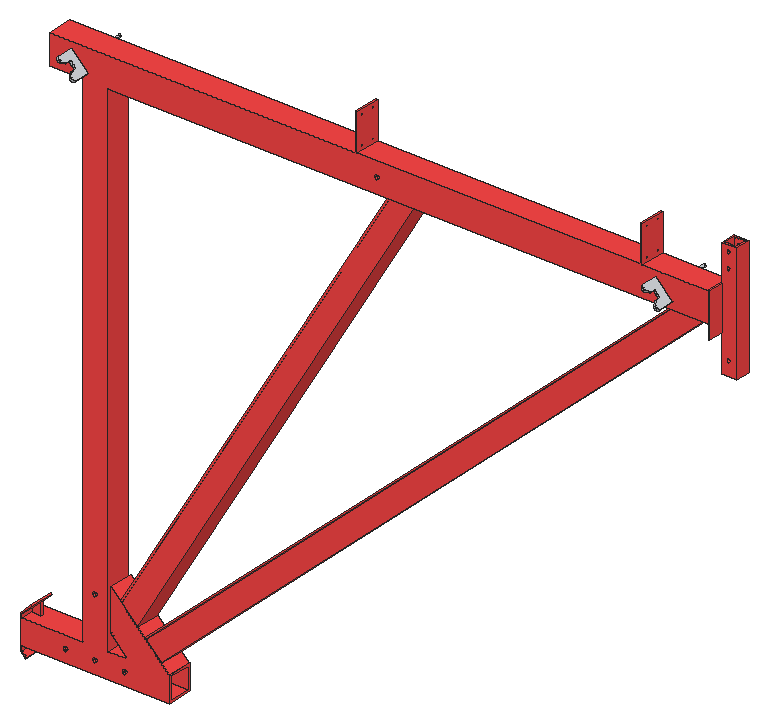
Revit family "051000_Climbing Bracket CB 240", category Generic Models, Revit 2019
Family settings
  Can host rebar = No
  Round Connector Dimension = Use Diameter
  Part Type = Normal
  Work Plane-Based = No
  Always vertical = Yes
  Cut with Voids When Loaded = No
  Shared = No
  Room Calculation Point = No
Parameters
  Vat Lieu = Steel
Reference planes
  plane 1 "Center (Front/Back)": y = 0
  plane 2: z = 0
  plane 3 "Center (Left/Right)": x = 0
  plane 4: z = 1800
  plane 5: z = 2150
  plane 6: x = 255
  plane 7: x = 155
  plane 8: x = 355
  plane 9: x = 2411
  plane 10: x = 100
  plane 11: x = 2361
  plane 12: x = 2356
  plane 13: x = 2386
  plane 14: y = -25
  plane 15: y = 25
  plane 16: z = 1975
  plane 17: z = 1600
  plane 18: z = 1960
  plane 19: z = 1865
  plane 20: z = 1650
  plane 21: z = 1980
  plane 22: z = 1930
  plane 23: x = 2386
  plane 24: z = 200
  plane 25: y = 42.5
  plane 26: y = 22.5
  plane 27: y = -22.5
Forms (mm)
  Extrusion 1, solid, material "Steel" <- "Vat Lieu"
    sketch origin (0, 0, 0) x (0, 1, 0) y (0, 0, 1)
      loop
        line (42.5, 42.5) -> (-42.5, 42.5) -> (-42.5, -42.5) -> (42.5, -42.5) -> (42.5, 42.5)
      loop
        line (37.5, 37.5) -> (-37.5, 37.5) -> (-37.5, -37.5) -> (37.5, -37.5) -> (37.5, 37.5)
    from 5 to 505
  Extrusion 2, solid, material "Steel" <- "Vat Lieu"
    sketch origin (0, 0, 0) x (1, 0, 0) y (0, 0, 1)
      loop
        line (0, 55) -> (0, -60) -> (17.678, -77.678) -> (21.213, -74.142) -> (5, -57.929) -> (5, 52.929) -> (38.891, 86.82) -> (35.355, 90.355) -> (0, 55)
    from -42.5 to 42.5
  Extrusion 3, solid, material "Steel" <- "Vat Lieu"
    sketch origin (0, 0, 0) x (1, 0, 0) y (0, 1, 0)
      loop
        line (38.891, -2.5) -> (38.891, 2.5) -> (8.891, 2.5) -> (8.891, -2.5) -> (38.891, -2.5)
    from 42.5 to 86.82
  Extrusion 4, void
    sketch origin (0, 0, 0) x (1, 0, 0) y (0, 0, 1)
      loop
        line (31.82, 86.82) -> (8.891, 86.82) -> (8.891, 63.891) -> (31.82, 86.82)
    from -424.82 to 505
  Extrusion 5, solid, material "Steel" <- "Vat Lieu"
    sketch origin (0, 0, 0) x (1, 0, 0) y (0, 1, 0)
      loop
        line (297.5, 42.5) -> (212.5, 42.5) -> (212.5, -42.5) -> (297.5, -42.5) -> (297.5, 42.5)
      loop
        line (217.5, 37.5) -> (217.5, -37.5) -> (292.5, -37.5) -> (292.5, 37.5) -> (217.5, 37.5)
    from 42.5 to 1750
  Extrusion 6, void
    sketch origin (0, 0, 0) x (1, 0, 0) y (0, 0, 1)
      loop
        circle (355, 0) r 8
      loop
        circle (255, 0) r 8
      loop
        circle (155, 0) r 8
      loop
        circle (255, 200) r 8
      loop
        circle (1209.835, 1800) r 8
    from -206.758 to 294.322
  Extrusion 7, solid, material "Steel" <- "Vat Lieu"
    sketch origin (0, 0, 0) x (1, 0, 0) y (0, 0, 1)
      loop
        line (362.5, 42.5) -> (502.5, 42.5) -> (305, 240) -> (305, 100) -> (362.5, 42.5)
    from -42.5 to 42.5
  Extrusion 8, void
    sketch origin (0, 0, 0) x (1, 0, 0) y (0, 0, 1)
      loop
        line (369.571, 42.5) -> (495.429, 42.5) -> (305, 232.929) -> (305, 107.071) -> (369.571, 42.5)
    from -40 to 40
  Extrusion 9, solid, material "Steel" <- "Vat Lieu"
    sketch origin (0, 0, 0) x (0, 1, 0) y (0, 0, 1)
      loop
        line (42.5, 1850) -> (-42.5, 1850) -> (-42.5, 1750) -> (42.5, 1750) -> (42.5, 1850)
      loop
        line (-37.5, 1845) -> (-37.5, 1755) -> (37.5, 1755) -> (37.5, 1845) -> (-37.5, 1845)
    from 100 to 2356
  Extrusion 10, solid, material "Steel" <- "Vat Lieu"
    sketch origin (0, 0, 0) x (1, 0, 0) y (0, 0, 1)
      loop
        line (336.924, 208.076) -> (395.375, 149.625) -> (1335.013, 1750) -> (1242.243, 1750) -> (336.924, 208.076)
      loop
        line (420.335, 124.665) -> (476.904, 68.096) -> (2314.143, 1750) -> (2195.781, 1750) -> (420.335, 124.665)
    from -40 to 40
  Extrusion 11, void
    sketch origin (0, 0, 0) x (1, 0, 0) y (0, 0, 1)
      loop
        line (1248.041, 1750) -> (340.577, 204.423) -> (391.722, 153.278) -> (1329.215, 1750) -> (1248.041, 1750)
      loop
        line (2203.186, 1750) -> (423.874, 121.126) -> (473.368, 71.632) -> (2306.745, 1750) -> (2203.186, 1750)
    from -35 to 35
  Extrusion 12, solid, material "Steel" <- "Vat Lieu"
    sketch origin (0, 0, 0) x (1, 0, 0) y (0, 0, 1)
      loop
        line (2356, 1875) -> (2356, 1725) -> (2361, 1725) -> (2361, 1875) -> (2356, 1875)
    from -75.388 to 74.5
  Extrusion 13, solid, material "Steel" <- "Vat Lieu"
    sketch origin (0, 0, 0) x (1, 0, 0) y (0, 1, 0)
      loop
        line (2361, 25) -> (2361, -25) -> (2411, -25) -> (2411, 25) -> (2361, 25)
      loop
        line (2366, 20) -> (2366, -20) -> (2406, -20) -> (2406, 20) -> (2366, 20)
    from 1600 to 2000
  Extrusion 14, solid, material "Steel" <- "Vat Lieu"
    sketch origin (0, 0, -25) x (1, 0, 0) y (0, 0, 1)
      loop
        line (2106, 1875) -> (2106, 2000) -> (2101, 2000) -> (2101, 1875) -> (2106, 1875)
      loop
        line (1141, 1875) -> (1141, 2000) -> (1136, 2000) -> (1136, 1875) -> (1141, 1875)
    from -42.5 to 42.5
  Extrusion 15, void
    sketch origin (0, 0, -25) x (0, 1, 0) y (0, 0, 1)
      loop
        circle (-22.5, 1985) r 4.5
      loop
        circle (22.5, 1985) r 4.5
      loop
        circle (22.5, 1890) r 4.5
      loop
        circle (-22.5, 1890) r 4.5
    from 1006.358 to 2230.811
  Extrusion 16, void
    sketch origin (0, 0, 0) x (1, 0, 0) y (0, 0, 1)
      loop
        circle (2386, 1980) r 6
      loop
        circle (2386, 1930) r 6
      loop
        circle (2386, 1650) r 6
    from -350.452 to 154.457
Cuts and joins
  Extrusion 6 cuts Extrusion 1
  Extrusion 4 cuts Extrusion 3
  Extrusion 6 cuts Extrusion 5
  Extrusion 8 cuts Extrusion 7
  Extrusion 6 cuts Extrusion 9
  Extrusion 11 cuts Extrusion 10
  Extrusion 16 cuts Extrusion 13
  Extrusion 15 cuts Extrusion 14
  joined: Extrusion 1, Extrusion 2, Extrusion 3, Extrusion 5, Extrusion 7, Extrusion 9, Extrusion 10, Extrusion 12, Extrusion 13, Extrusion 14
Dimensions and locks
  plane 9 to Extrusion 13 = 50 mm
  aligned and locked: level to plane 2
Nested families
  nested 1: "abc_Face" at (2179.902, 42.5, 1797.348) x (-0.7071, 0, 0.7071) z (0, 1, 0), type "abc_Face"
  nested 2: "abc_Face" at (198.902, 42.5, 1797.348) x (-0.7071, 0, 0.7071) z (0, 1, 0), type "abc_Face"
  nested 3: "abc_Face" at (198.902, -42.5, 1797.348) x (0.7071, 0, 0.7071) z (0, -1, 0), type "abc_Face"
  nested 4: "abc_Face" at (2177.25, -42.5, 1798.447) x (0.7071, 0, 0.7071) z (0, -1, 0), type "abc_Face"
Definition of nested family "abc_Face"
  Parameters (values of type "abc_Face")
    Default Elevation = 1219.2 mm
  Reference planes
    plane 1 "Center (Front/Back)": y = 0
    plane 2: z = 0
    plane 3 "Center (Left/Right)": x = 0
  Forms (mm)
    Extrusion 1, solid
      sketch origin (0, 0, 0) x (1, 0, 0) y (0, 1, 0)
        loop
          line (-1219.2, 1219.2) -> (-1219.2, -1219.2) -> (1219.2, -1219.2) -> (1219.2, 1219.2) -> (-1219.2, 1219.2)
      from 0 to -304.8
  Dimensions and locks
    aligned and locked: plane 2 to Extrusion 1
    aligned and locked: level to Extrusion 1
  Nested families
    nested 1: "abc" at (3.75, -29.966, 0), type "abc"
  Definition of nested family "abc"
    Reference planes
      plane 1 "Center (Front/Back)": y = 0
      plane 2: z = 0
      plane 3 "Center (Left/Right)": x = 0
      plane 4: y = 60
      plane 5: x = 40
      plane 6: x = -40
    Forms (mm)
      Extrusion 1, solid
        sketch origin (0, 29.966, 0) x (0, -1, 0) y (0, 0, 1)
          loop
            line (-40, 0) -> (40, 0) -> (40, 50)
            arc (40, 50) -> (34.669, 58.843) -> (24.361, 58.258) r 10
            line (24.361, 58.258) -> (12.322, 42.322) -> (12.322, 27.322) -> (0, 27.322) -> (-12.322, 27.322) -> (-12.322, 42.322) -> (-24.361, 58.258)
            arc (-24.361, 58.258) -> (-34.669, 58.843) -> (-40, 50) r 10
            line (-40, 50) -> (-40, 0)
        from 0 to 7.5
    Dimensions and locks
      aligned and locked: level to plane 2
